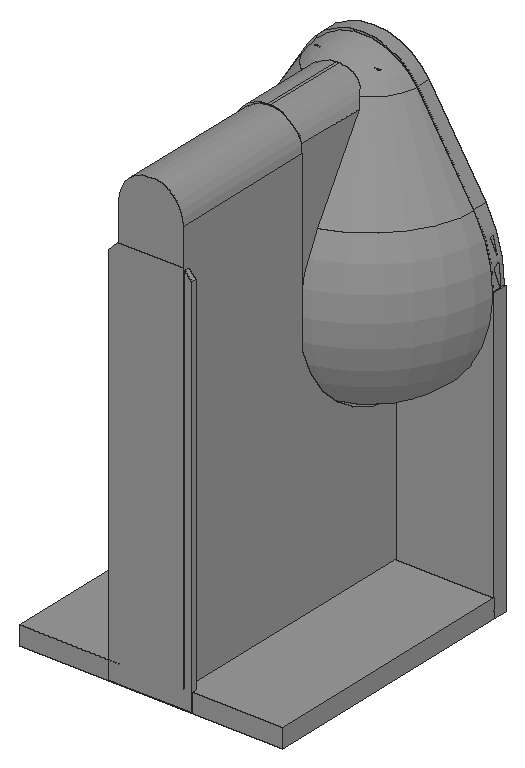
Revit family "Toilet-Willoughby-ASETWS-1490-FM-TS", category Plumbing Fixtures, Revit 2015
Parameters (values of type "Standard")
  Waste DIA = 2 3/8"
  Waste Connection = yes
  W-RAD [instance] = Waste DIA / 2  # 0' - 1 3/16"
  Vent Connection = no
  URL = "https://www.willoughby-ind.com/wp-content/uploads/2018/01/ASETWS-1490-FM.pdf"
  Type Comments = ""
  Revision = "A"
  Model = "ASETWS-1490-FM-TS"
  Manufacturer = "Willoughby Industries"
  HW Connection = no
  Flush inlet DIA = 1 1/2"
  Flush Inlet Connection = yes
  Fixture Body = Stainless Steel AISI 304-Willoughby
  F-RAD [instance] = Flush inlet DIA / 2  # 0' - 0 3/4"
  Description = "Ligature resistant, Wall outlet, Floor mounted siphon jet Toilet, Top Spud"
  Default Elevation = 0' - 0"
  Contact Number = "(800) 428-4065"
  CW Connection = no
Reference planes (in)
  plane 1 "Base": y = -16.25
  plane 2: z = 0
  plane 3 "Center": x = 18.31072
  plane 4 "ref": y = -4.75
  plane 5: y = -1.25
  plane 6: z = -6.75
  plane 7: y = -2.125
  plane 8: y = -14.0625
  plane 9: y = 0.5
  plane 10: x = 16.56072
  plane 11: x = 20.06072
  plane 12: x = 11.56072
  plane 13: x = 25.06072
  plane 14: z = -3
  plane 15: z = 25
  plane 16 "Waste HGT": y = -10.75
  plane 17: y = -3.125
Forms (in)
  Extrusion 1, solid, material "Stainless Steel AISI 304-Willoughby" <- "Fixture Body"
    sketch origin (16.08109, 7.47968, -7.1422) x (-1, 0, 0) y (0, 0, -1)
      loop
        line (4.79775, -22.86304) -> (4.83287, -22.86304) -> (4.83287, -7.1422) -> (-9.27844, -7.1422) -> (-9.27844, -22.86304) -> (-9.20225, -22.86304)
        arc (-9.20225, -22.86304) -> (-8.94967, -24.72647) -> (-8.21015, -26.45542) r 7
        line (-8.21015, -26.45542) -> (-5.16818, -31.31054)
        arc (-5.16818, -31.31054) -> (-2.20225, -32.95225) -> (0.76368, -31.31054) r 3.5
        line (0.76368, -31.31054) -> (3.80565, -26.45542)
        arc (3.80565, -26.45542) -> (4.54517, -24.72647) -> (4.79775, -22.86304) r 7
      loop
        arc (2.03989, -24.70557) -> (-2.20225, -18.23804) -> (-6.44438, -24.70557) r 4.625
        line (-6.44438, -24.70557) -> (-4.04125, -30.23842)
        arc (-4.04125, -30.23842) -> (-2.20225, -31.45225) -> (-0.36324, -30.23842) r 2
        line (-0.36324, -30.23842) -> (2.03989, -24.70557)
    from 8.72968 to 9.5
  Revolve 2, solid, material "Stainless Steel AISI 304-Willoughby" <- "Fixture Body"
    sketch origin (19.37246, -1.52032, -3.93826) x (-1, 0, 0) y (0, 0, -1)
      loop
        line (1.06174, -12.59906) -> (1.06174, -12.84906)
        arc (1.06174, -12.84906) -> (6.96784, -16.33096) -> (6.78077, -23.18447) r 6.75
        line (6.78077, -23.18447) -> (3.81535, -27.91457)
        arc (3.81535, -27.91457) -> (2.63527, -29.03194) -> (1.06174, -29.43826) r 3.25
        line (1.06174, -29.43826) -> (1.06174, -29.68826)
        arc (1.06174, -29.68826) -> (2.75672, -29.25045) -> (4.02767, -28.04656) r 3.5
        line (4.02767, -28.04656) -> (7.06964, -23.19143)
        arc (7.06964, -23.19143) -> (7.15052, -16.14555) -> (1.06174, -12.59906) r 7
      axis (1.06174, -12.59906) -> (1.06174, -29.68826)
    angle from 0 to -180
  Extrusion 3, solid, material "Stainless Steel AISI 304-Willoughby" <- "Fixture Body"
    sketch origin (19.53334, -3.02032, -4.9508) x (0, 1, 0) y (0, 0, 1)
      loop
        line (-5.27082, 4.9508) -> (1, 4.9508) -> (1, 13.76086)
        arc (1, 13.76086) -> (-2.93256, 15.26109) -> (-5.27082, 18.76086) r 6.92744
        line (-5.27082, 18.76086) -> (-5.27082, 4.9508)
    from 0.52738 to -2.97262
  Extrusion 4, solid, material "Stainless Steel AISI 304-Willoughby" <- "Fixture Body"
    sketch origin (0, 8.59309, -3) x (1, 0, 0) y (0, 1, 0)
      loop
        circle (18.31072, -19.34309) r 1.1875
    from 5.5 to 0
  Extrusion 5, solid, material "Stainless Steel AISI 304-Willoughby" <- "Fixture Body"
    sketch origin (0, -16.25, 0) x (1, 0, 0) y (0, 0, 1)
      loop
        line (25.35953, 0) -> (25.35953, 1) -> (11.24822, 1) -> (11.24822, 0) -> (25.35953, 0)
    from -14.22968 to 0
  Extrusion 6, solid, material "Stainless Steel AISI 304-Willoughby" <- "Fixture Body"
    sketch origin (0, -16.25, 0) x (1, 0, 0) y (0, 0, 1)
      loop
        line (20.06072, 0) -> (20.06072, 23.28412)
        arc (20.06072, 23.28412) -> (18.31072, 25.03412) -> (16.56072, 23.28412) r 1.75
        line (16.56072, 23.28412) -> (16.56072, 0) -> (20.06072, 0)
    from 0 to -7.95886
  Extrusion 7, solid, material "Stainless Steel AISI 304-Willoughby" <- "Fixture Body"
    sketch origin (-0.06578, -16.25, 7) x (1, 0, 0) y (0, 0, 1)
      loop
        line (20.06072, -7) -> (20.56072, -7) -> (20.56072, 13.75) -> (20.06072, 14.25) -> (16.56072, 14.25) -> (16.06072, 13.75) -> (16.06072, -7) -> (16.56072, -7) -> (20.06072, -7)
    from 0 to -0.25
  Extrusion 8, solid, material "Stainless Steel AISI 304-Willoughby" <- "Fixture Body"
    sketch origin (18.31072, 0, 0) x (0, 1, 0) y (0, 0, 1)
      loop
        line (-3.0438, 25.03193) -> (-8.29114, 25.03193) -> (-8.29114, 16.73622)
        arc (-8.29114, 16.73622) -> (-8.25839, 17.11069) -> (-8.16113, 17.47379) r 2.15729
        arc (-8.16113, 17.47379) -> (-7.78826, 18.37428) -> (-7.33828, 19.23882) r 11.16687
        arc (-7.33828, 19.23882) -> (-5.85557, 21.70663) -> (-4.28753, 24.12112) r 82.3759
        arc (-4.28753, 24.12112) -> (-3.71235, 24.64027) -> (-3.0438, 25.03193) r 3.79911
    from 1.75 to -1.75
  Extrusion 9, void
    sketch origin (0, -16.25, 0) x (1, 0, 0) y (0, 0, 1)
      loop
        arc (16.43207, 23.28193) -> (16.94463, 24.51936) -> (18.18207, 25.03193) r 1.75
        line (18.18207, 25.03193) -> (16.43207, 25.03193) -> (16.43207, 23.28193)
    from -7.95886 to -13.18331
  Extrusion 10, void
    sketch origin (0, -16.25, 0) x (1, 0, 0) y (0, 0, 1)
      loop
        arc (18.34313, 25.03193) -> (19.49966, 24.59853) -> (20.12234, 23.53193) r 1.84176
        line (20.12234, 23.53193) -> (20.12234, 25.03193) -> (18.34313, 25.03193)
    from -7.95886 to -13.18919
  Revolve 11, solid
    sketch origin (18.31072, 0, 0) x (0, 1, 0) y (0, 0, 1)
      loop
        line (-1.25, 2.75) -> (-0.5, 2.75) -> (-0.5, 3.5) -> (-1.25, 3.5) -> (-1.25, 2.75)
      axis (-1.25, 2.75) -> (-0.5, 2.75)
    angle from 0 to 360
Cuts and joins
  joined: Extrusion 3, Extrusion 5, Extrusion 6
  Extrusion 9, Extrusion 10 cuts Extrusion 8
Lines and regions (in)
  symbolic lines
    curve 1: line (13.81072, -16.25, 0) -> (13.81072, -1.25, 0)
    curve 2: line (22.81072, -16.25, 0) -> (22.81072, -1.25, 0)
    curve 3: line (13.81072, -16.25, 0) -> (22.81072, -16.25, 0)
    curve 4: line (11.28334, -2.02032, 0) -> (11.28334, -1.25, 0)
    curve 5: line (11.28334, -1.25, 0) -> (25.28334, -1.25, 0)
    curve 6: line (25.28334, -1.25, 0) -> (25.28334, -2.02032, 0)
    curve 7: arc (25.28334, -2.02032, 0) -> (23.08185, -6.64916, 0) -> (18.31072, -8.52239, 0) r 6.97293
    curve 8: arc (18.31072, -8.52239, 0) -> (13.52793, -6.64299, 0) -> (11.28334, -2.02032, 0) r 7.06571
    curve 9: line (16.56072, -8.2982, 0) -> (16.56072, -16.25, 0)
    curve 10: line (20.06072, -16.25, 0) -> (20.06072, -8.30327, 0)
    curve 15: line (13.81072, -16.25, 0) -> (22.81072, -16.25, 0)
    curve 16: line (22.81072, -16.25, 0) -> (22.81072, -16.25, 1)
    curve 17: line (22.81072, -16.25, 1) -> (21.81072, -16.25, 1)
    curve 18: line (21.81072, -16.25, 0) -> (21.81072, -16.25, 9.67456)
    curve 19: line (14.78334, -16.25, 0) -> (14.78334, -16.25, 9.65867)
    curve 20: line (14.78334, -16.25, 1) -> (13.81072, -16.25, 1)
    curve 21: line (13.81072, -16.25, 1) -> (13.81072, -16.25, 0)
    curve 22: line (21.81072, -16.25, 5) -> (14.78334, -16.25, 5)
    curve 23: arc (21.81072, -16.25, 9.67456) -> (25.06245, -16.25, 13.97624) -> (24.29124, -16.25, 19.31322) r 7
    curve 24: line (24.29124, -16.25, 19.31322) -> (21.24927, -16.25, 24.16835)
    curve 25: arc (21.24927, -16.25, 24.16835) -> (19.98923, -16.25, 25.34792) -> (18.31072, -16.25, 25.75) r 3.37397
    curve 26: arc (18.31072, -16.25, 25.75) -> (16.62783, -16.25, 25.31163) -> (15.31741, -16.25, 24.16835) r 3.79331
    curve 27: line (15.31741, -16.25, 24.16835) -> (12.35249, -16.25, 19.43905)
    curve 28: arc (12.35249, -16.25, 19.43905) -> (11.49002, -16.25, 14.03241) -> (14.78334, -16.25, 9.65867) r 7
    curve 34: line (18.31072, -8.45513, 16.43593) -> (18.31072, -16.25, 16.43593)
    curve 35: line (18.31072, -16.25, 16.43593) -> (18.31072, -16.25, 0)
    curve 36: line (18.31072, -16.25, 0) -> (18.31072, 1.75, 0)
    curve 37: line (18.31072, -1.25, 5) -> (18.31072, -1.25, 25.81005)
    curve 38: line (18.31072, -1.25, 25.81005) -> (18.31072, -2.02032, 25.81005)
    curve 39: arc (18.31072, -2.02032, 25.81005) -> (18.31072, -3.17426, 25.3587) -> (18.31072, -4.14211, 24.58504) r 4.1253
    curve 40: line (18.31072, -4.14211, 24.58504) -> (18.31072, -7.52822, 19.25317)
    curve 41: arc (18.31072, -7.52822, 19.25317) -> (18.31072, -8.16721, 17.9023) -> (18.31072, -8.45513, 16.43593) r 6.04234
    curve 42: arc (18.31072, -8.45513, 16.43593) -> (18.31072, -8.2983, 15.12766) -> (18.31072, -8.29114, 13.81005) r 11.57712
    curve 43: arc (18.31072, -8.29114, 13.81005) -> (18.31072, -5.95289, 10.31029) -> (18.31072, -2.02032, 8.81005) r 6.92744
    curve 44: line (18.31072, -1.25, 9.65867) -> (18.31072, -2.02032, 9.65867)
    curve 45: line (18.31072, -2.02032, 9.65867) -> (18.31072, -2.02032, 1)
    curve 46: line (18.31072, -2.02032, 1) -> (18.31072, -16.25, 1)
  symbolic lines, detail levels medium+fine
    curve 11: line (20.06072, -16, 0) -> (20.56072, -16, 0)
    curve 12: line (20.56072, -16, 0) -> (20.56072, -16.25, 0)
    curve 13: line (16.56072, -16, 0) -> (16.06072, -16, 0)
    curve 14: line (16.06072, -16, 0) -> (16.06072, -16.25, 0)
  symbolic lines, detail levels fine
    curve 29: arc (14.0412, -16.25, 17.56337) -> (18.28334, -16.25, 11.09585) -> (22.52547, -16.25, 17.56337) r 4.625
    curve 30: line (22.52547, -16.25, 17.56337) -> (20.12234, -16.25, 23.09622)
    curve 31: arc (20.12234, -16.25, 23.09622) -> (19.38317, -16.25, 23.97635) -> (18.28334, -16.25, 24.31005) r 2.01767
    curve 32: arc (18.28334, -16.25, 24.31005) -> (17.17969, -16.25, 23.98213) -> (16.44433, -16.25, 23.09622) r 1.9827
    curve 33: line (16.44433, -16.25, 23.09622) -> (14.0412, -16.25, 17.56337)
Dimensions and locks (in)
  locked: plane 1 "Base" to plane 4 "ref" at 11.5
  locked: plane 1 "Base" to plane 5 at 15
  locked: plane 1 "Base" to plane 9 at 16.75
  plane 15 to level = 2' - 1"
  plane 5 to plane 1 "Base" = 1' - 3"
  "W-RAD": radius of Extrusion 4 sketch curve
  aligned and locked: plane 3 "Center" to Extrusion 4 sketch curve
  aligned and locked: Revolve 11 sketch curve to Revolve 11 sketch curve  (x2)
  aligned and locked: Extrusion 5 sketch curve to cut or joined group of Extrusion 3, Extrusion 5, Extrusion 6
Automatic sketch dimensions
  plane 5 to curve 5 = 0' - 0"
  plane 1 "Base" to curve 3 = 0' - 0"
  curve 13 to plane 10 = 0' - 0"
  curve 8 to plane 3 "Center" = 0' - 0"
  curve 7 to plane 3 "Center" = 0' - 0"
  curve 10 to plane 11 = 0' - 0"
  curve 13 to plane 1 "Base" = 0' - 0 1/4"
  curve 13 to plane 10 = 0' - 0 1/2"
  curve 1 to curve 14 = 0' - 2 1/4"
  plane 7 to curve 4 = 0' - 0.10468"
  curve 4 to plane 12 = 0' - 0.27738"
  plane 3 "Center" to curve 7 = 0' - 0 1/64"
  plane 3 "Center" to curve 8 = 0' - 0.01581"
  curve 11 to curve 11 = 0' - 0 1/2"
  curve 3 to plane 13 = 0' - 2 1/4"
  curve 2 to curve 5 = 0' - 2.47262"
  curve 12 to curve 11 = 0' - 0 1/4"
  plane 7 to curve 6 = 0' - 0.10468"
  curve 35 to plane 1 "Base" = 0' - 0"
  curve 37 to plane 5 = 0' - 0"
  plane 1 "Base" to curve 42 = 0' - 3.6029"
  plane 4 "ref" to curve 34 = 0' - 3.70513"
  plane 4 "ref" to curve 40 = 0' - 2.77822"
  curve 40 to plane 4 "ref" = 0' - 0.60789"
  curve 41 to plane 7 = 0' - 0.30255"
  plane 7 to curve 45 = 0' - 0.10468"
  plane 7 to curve 38 = 0' - 0.10468"
  plane 5 to curve 43 = 0' - 0.38413"
  curve 39 to plane 5 = 0' - 0.13839"
  level to curve 46 = 0' - 1"
  curve 42 to plane 15 = 0' - 10.59394"
  curve 44 to curve 43 = 0' - 6.06805"
  curve 43 to curve 41 = 0' - 0.28717"
  curve 42 to curve 35 = 0' - 2.02987"
  curve 39 to plane 15 = 0' - 3.21392"
  curve 40 to plane 15 = 0' - 0.41496"
  curve 42 to curve 43 = 0' - 0.16399"
  curve 23 to curve 28 = 0' - 0"  (x2)
  curve 23 to curve 29 = 0' - 0"  (x2)
  curve 28 to curve 29 = 0' - 0"  (x2)
  curve 21 to level = 0' - 0"
  curve 25 to plane 3 "Center" = 0' - 0"
  curve 26 to plane 3 "Center" = 0' - 0"
  curve 29 to plane 3 "Center" = 0' - 0.02738"
  curve 32 to plane 3 "Center" = 0' - 0.03882"
  curve 31 to curve 32 = 0' - 0.0002"
  curve 33 to plane 10 = 0' - 0.11639"
  curve 27 to plane 10 = 0' - 1.24331"
  curve 19 to plane 10 = 0' - 1.77738"
  plane 12 to curve 33 = 0' - 2 123/256"
  curve 15 to curve 19 = 0' - 0.97262"
  plane 12 to curve 27 = 0' - 0.79177"
  plane 3 "Center" to curve 25 = 0' - 0.07942"
  plane 3 "Center" to curve 26 = 0' - 0.08929"
  plane 11 to curve 30 = 0' - 0.06162"
  curve 24 to plane 15 = 0' - 0.83165"
  plane 11 to curve 24 = 0' - 1.18855"
  plane 11 to curve 18 = 0' - 1 3/4"
  plane 11 to curve 30 = 0' - 2.46475"
  curve 17 to curve 16 = 0' - 1"
  curve 24 to plane 13 = 0' - 0.76948"
  curve 15 to curve 16 = 0' - 1"
  curve 15 to curve 21 = 0' - 1"
  curve 20 to curve 19 = 0' - 8.65867"
  curve 19 to curve 18 = 0' - 0.01589"
  curve 19 to curve 28 = 0' - 6.06218"
  curve 33 to curve 27 = 0' - 1.87568"
  curve 26 to plane 15 = 0' - 3.04226"
  curve 31 to curve 25 = 0' - 0.08455"
  curve 31 to curve 32 = 0' - 0.03496"
  curve 33 to curve 26 = 0' - 1.07212"
  curve 30 to curve 24 = 0' - 1.07212"
  curve 17 to curve 22 = 0' - 4"
  Revolve 2 sketch curve to Revolve 2 sketch curve = 0' - 0"  (x2)
  Revolve 2 sketch curve to plane 3 "Center" = 0' - 0"  (x3)
  plane 3 "Center" to Revolve 2 sketch curve = 0' - 0"
  Revolve 2 sketch curve to plane 10 = 0' - 1.00361"
  Revolve 2 sketch curve to plane 15 = 0' - 0.8917"
  Revolve 2 sketch curve to Revolve 2 sketch curve = 0' - 0.21232"
  plane 12 to Revolve 2 sketch curve = 0' - 1.03097"
  Revolve 2 sketch curve to Revolve 2 sketch curve = 0' - 0.28887"
  plane 15 to Revolve 2 sketch curve = 0' - 0 1/2"
  Revolve 2 sketch curve to Revolve 2 sketch curve = 0' - 0 1/4"
  Revolve 2 sketch curve to Revolve 2 sketch curve = 0' - 0.13199"
  Revolve 2 sketch curve to Revolve 2 sketch curve = 0' - 4.85513"
  Revolve 2 sketch curve to Revolve 2 sketch curve = 0' - 0.00696"
  Revolve 2 sketch curve to Revolve 2 sketch curve = 0' - 6.5892"
  Revolve 2 sketch curve to Revolve 2 sketch curve = 0' - 3 1/4"
  Revolve 2 sketch curve to Revolve 2 sketch curve = 0' - 2.4108"
  Extrusion 3 sketch curve to level = 0' - 0"
  plane 4 "ref" to Extrusion 3 sketch curve = 0' - 3.54114"
  plane 7 to Extrusion 3 sketch curve = 0' - 0.10468"
  plane 5 to Extrusion 3 sketch curve = 0' - 0.38413"
  Extrusion 3 sketch curve to Extrusion 3 sketch curve = 0' - 8.81005"
  Extrusion 3 sketch curve to Extrusion 3 sketch curve = 0' - 5"
  Extrusion 6 sketch curve to level = 0' - 0"
  Extrusion 6 sketch curve to plane 10 = 0' - 0"
  Extrusion 6 sketch curve to plane 3 "Center" = 0' - 0"
  Extrusion 6 sketch curve to plane 15 = 0' - 1.71588"
  Extrusion 7 sketch curve to level = 0' - 0"
  Extrusion 7 sketch curve to plane 10 = 0' - 0.56578"
  Extrusion 7 sketch curve to plane 10 = 0' - 0.06578"  (x2)
  Extrusion 7 sketch curve to plane 11 = 0' - 0.06578"  (x2)
  plane 11 to Extrusion 7 sketch curve = 0' - 0.43422"
  Extrusion 7 sketch curve to plane 15 = 0' - 4 1/4"  (x2)
  Extrusion 7 sketch curve to Extrusion 7 sketch curve = 0' - 0 1/2"
  plane 15 to Extrusion 8 sketch curve = 0' - 0.03193"
  plane 4 "ref" to Extrusion 8 sketch curve = 0' - 3.54114"
  plane 4 "ref" to Extrusion 8 sketch curve = 0' - 1.38385"
  Extrusion 8 sketch curve to plane 7 = 0' - 0.9188"
  plane 5 to Extrusion 8 sketch curve = 0' - 0.21771"
  Extrusion 8 sketch curve to plane 9 = 0' - 1.83279"
  Extrusion 8 sketch curve to plane 6 = 1' - 3.19552"
  Extrusion 8 sketch curve to plane 9 = 5' - 3.50343"
  Extrusion 8 sketch curve to plane 15 = 0' - 11.34412"
  Extrusion 8 sketch curve to plane 15 = 0' - 8.26378"
  Extrusion 8 sketch curve to plane 15 = 0' - 3.42484"
  Extrusion 8 sketch curve to Extrusion 8 sketch curve = 0' - 0"  (x2)
  plane 15 to Extrusion 9 sketch curve = 0' - 0.03193"
  Extrusion 9 sketch curve to plane 10 = 0' - 0.12865"
  Extrusion 9 sketch curve to plane 3 "Center" = 0' - 0.12865"
  plane 3 "Center" to Extrusion 10 sketch curve = 0' - 0.0018"
  plane 15 to Extrusion 10 sketch curve = 0' - 0.03193"
  plane 11 to Extrusion 10 sketch curve = 0' - 0.06162"
  plane 3 "Center" to Extrusion 10 sketch curve = 0' - 0.03241"
  Extrusion 10 sketch curve to plane 15 = 0' - 1.46807"
  curve 36 to level = 0' - 0"
  curve 36 to plane 9 = 0' - 1 1/4"
  curve 45 to curve 37 = 0' - 4"
  curve 37 to curve 44 = 0' - 4.65867"
  Extrusion 4 sketch curve to plane 16 "Waste HGT" = 0' - 0"
  Revolve 11 sketch curve to plane 5 = 0' - 0"
  Revolve 11 sketch curve to Revolve 11 sketch curve = 0' - 0 3/4"  (x2)
  level to Revolve 11 sketch curve = 0' - 2 3/4"
  Revolve 11 sketch curve to Revolve 11 sketch curve = 0' - 0"
  Extrusion 5 sketch curve to plane 12 = 0' - 0 5/16"
  plane 13 to Extrusion 5 sketch curve = 0' - 0.29881"
  level to Extrusion 5 sketch curve = 0' - 1"
  Extrusion 1 sketch curve to Extrusion 1 sketch curve = 0' - 0"  (x6)
  Extrusion 1 sketch curve to level = 0' - 0"
  plane 13 to Extrusion 1 sketch curve = 0' - 0.29881"
  Extrusion 1 sketch curve to plane 13 = 0' - 0.76948"
  plane 11 to Extrusion 1 sketch curve = 0' - 2.46475"
  plane 11 to Extrusion 1 sketch curve = 0' - 1.18855"
  plane 11 to Extrusion 1 sketch curve = 0' - 0.06162"
  Extrusion 1 sketch curve to plane 3 "Center" = 0' - 0.02738"  (x2)
  Extrusion 1 sketch curve to plane 10 = 0' - 0.11639"
  Extrusion 1 sketch curve to plane 15 = 0' - 0.83165"
  Extrusion 1 sketch curve to plane 10 = 0' - 1.24331"
  plane 12 to Extrusion 1 sketch curve = 0' - 0.71472"
  Extrusion 1 sketch curve to plane 12 = 0' - 0 5/16"
  Extrusion 1 sketch curve to Extrusion 1 sketch curve = 0' - 1.07212"
  Extrusion 1 sketch curve to Extrusion 1 sketch curve = 0' - 0.78617"
  Extrusion 1 sketch curve to Extrusion 1 sketch curve = 0' - 3.783"
  Extrusion 1 sketch curve to Extrusion 1 sketch curve = 0' - 1.74985"
  Extrusion 1 sketch curve to Extrusion 1 sketch curve = 0' - 1.84253"
  plane 11 to Extrusion 1 sketch curve = 0' - 5.22262"
  Extrusion 1 sketch curve to Extrusion 1 sketch curve = 0' - 0.03512"
Connectors (in)
  piping at (18.31072, -10.75, -3), diameter 2.375, driven by "W-RAD", driven by "Waste Connection"
    settings: on Extrusion 4, index 1, connector inside diameter 2 1/2", connector length 0' - 0", flow factor 0, pipe flow 0 GPM, pressure drop 0.00 psi, fitting loss kfactor 0, connector angle 0.00°, fixture units 0, engagement length 0' - 0", angle of deflection 0.00°, flow configuration 0, flow direction 2, fitting loss method 0, system type 16, joint type 0, gender type 0, connector reference index -1, connector utility 1, adjustable connector yes, is connector primary yes, connector description "Toilet Waste"
